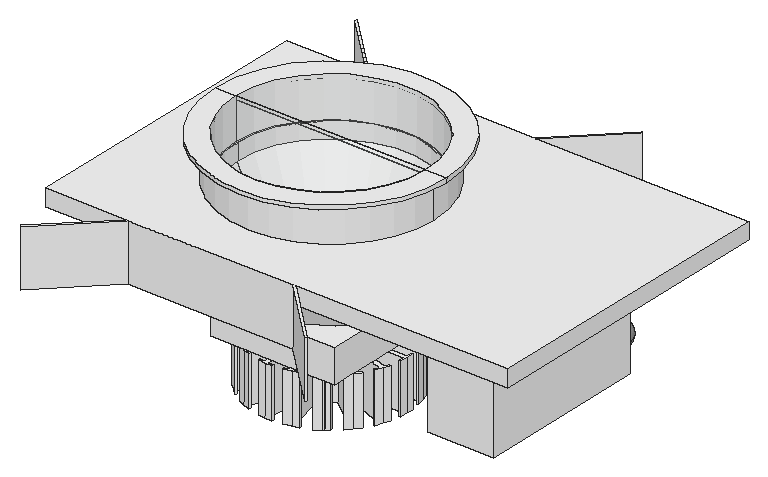
Revit family "LF6", category Lighting Fixtures, host Face, Revit 2014
Parameters (values of type "LF6")
  Wire = Wire
  Wattage Comments = "19W"
  Wattage = 21 W
  Warranty = "5-Years Warranty"  # constant formula
  built-in parameter 1150110 = 1 (stored number, unit not read)
  Voltage = if(Is 120V, 120 V, 277 V)  # 120 V
  URL = "https://www.hubbell.com/hubbell/en/OHW/Lighting-Controls/Commercial-Indoor-Lighting/Recessed-Downlights/LF6/p/2200693"
  Type Comments = "Lighting Fixture"  # constant formula
  built-in parameter 1114217 = 1 (stored number, unit not read)
  Tilt Angle = -90.00°
  built-in parameter 1150109 = 1 (stored number, unit not read)
  built-in parameter 1150134 = 3
  built-in parameter 1150113 = 1 (stored number, unit not read)
  Steel = Steel
  Product Page URL = "https://www.hubbell.com/hubbell/en/OHW/Lighting-Controls/Commercial-Indoor-Lighting/Recessed-Downlights/LF6/p/2200693"
  Product Documentation Link = "https://hubbellcdn.com/catalogpage/pre_lf6ml_psg.pdf"
  Photometric Web Link = "https://www.hubbell.com/hubbell/en/OHW/Lighting-Controls/Commercial-Indoor-Lighting/Recessed-Downlights/LF6/p/2200693#prod-detail-section"
  Photometric Web File = "LF6ML-6LFML30L30K8.IES"
  Photometric Notes = "More IES files download on Photometric Link"  # constant formula
  Mounting = "Recessed"  # constant formula
  Model = "LF6LED"  # constant formula
  Manufacturer = "Prescolite"  # constant formula
  built-in parameter 1150105 = 111.97 (stored number, unit not read)
  Lumens = 1407 lm
  built-in parameter 1150115 = 1 (stored number, unit not read)
  Load Classification = Lighting
  built-in parameter 1150137 = (empty or 0)
  built-in parameter 1150139 = (empty or 0)
  built-in parameter 1150112 = 1 (stored number, unit not read)
  built-in parameter 1150114 = 1 (stored number, unit not read)
  Lamp = "LED"
  Is 277V = not(Is 120V)  # no
  Is 120V = yes
  built-in parameter 1150132 = (empty or 0)
  built-in parameter 1150102 = (empty or 0)
  built-in parameter 1150107 = 3200 (stored number, unit not read)
  built-in parameter 1150138 = (empty or 0)
  built-in parameter 1150106 = 1.1197 (stored number, unit not read)
  Glass = Glass
  Emit from Circle Diameter = 5.500"  # constant formula
  Emit Shape Visible in Rendering = no
  built-in parameter 1150104 = 6.2245 (stored number, unit not read)
  Dimming Lamp Color Temperature Shift = <None>
  Description = "6'' architectural LED downlight with color consistency from fixture to fixture"  # constant formula
  Default Elevation = 48.000"
  Create Date = "07/30/2018"  # constant formula
  Copyright = "Copyright © 2018 Hubbell "  # constant formula
  Contact Us = "https://www.hubbell.com/hubbell/en/contactUs?productId=2200693"
  Color Filter = 16777215
  built-in parameter 1114218 = 1 (stored number, unit not read)
  Backbox = Paint-Hubbell-White
  built-in parameter 1150133 = 10 (stored number, unit not read)
  Assembly Code = "D5020200"
  Apparent Load = 0 VA
Reference planes (in)
  plane 1 "Center (Front/Back)": y = 0.03999
  plane 2: z = 0
  plane 3 "Center (Left/Right)": x = -8.24832
  plane 4: x = -13.24832
  plane 5: x = 0.75168
  plane 6: y = 4.60249
  plane 7: y = -4.52251
  plane 8: y = -6.33501
  plane 9: y = 6.41499
  plane 10: z = -0.5
  plane 11: z = -4
  plane 12: z = -3
  plane 13: z = -3.5
  plane 14: z = -5.5
  plane 15: z = 1.375
Forms (in)
  Extrusion 1, void
    sketch origin (0, 0, 0) x (1, 0, 0) y (0, 1, 0)
      loop
        line (-13.24832, 4.60249) -> (-13.24832, -4.52251) -> (0.75168, -4.52251) -> (0.75168, 4.60249) -> (-13.24832, 4.60249)
    from 0 to -6.75
  Extrusion 2, solid, material "Paint-Hubbell-White" <- "Backbox"
    sketch origin (0, 0, 0) x (1, 0, 0) y (0, 1, 0)
      loop
        line (-13.24832, 4.60249) -> (-13.24832, -4.52251) -> (0.75168, -4.52251) -> (0.75168, 4.60249) -> (-13.24832, 4.60249)
    from 0 to -0.5
  Extrusion 3, solid, material "Paint-Hubbell-White" <- "Backbox"
    sketch origin (0, 0, 0) x (1, 0, 0) y (0, 1, 0)
      loop
        circle (-8.24832, 0.03999) r 1
    from -3.75 to -5.5
  Extrusion 4, solid, material "Paint-Hubbell-White" <- "Backbox"
    sketch origin (0, 0, 0) x (1, 0, 0) y (0, 1, 0)
      loop
        line (-10.17454, 2.19084) -> (-10.17454, -2.11086) -> (-6.42646, -2.11086) -> (-6.42646, 2.19084) -> (-10.17454, 2.19084)
    from -3 to -4
  Revolve 5, solid, material "Paint-Hubbell-White" <- "Backbox"
    sketch origin (0, 0.03999, 0) x (1, 0, 0) y (0, 0, 1)
      loop
        line (-11.12332, -0.5) -> (-11.23496, -0.5) -> (-9.99429, -3) -> (-9.88266, -3) -> (-11.12332, -0.5)
      axis (-8.24832, -0.5) -> (-8.24832, -3)
    angle from 0 to 360
  Revolve 6, solid, material "Paint-Hubbell-White" <- "Backbox"
    sketch origin (0, 0.03999, 0) x (1, 0, 0) y (0, 0, 1)
      loop
        line (-11.12332, 0) -> (-11.12332, 1.25) -> (-11.74832, 1.25) -> (-11.74832, 1.13811) -> (-11.37332, 1.13811) -> (-11.37332, -0.5) -> (-11.12332, -0.5) -> (-11.12332, 0)
      axis (-8.24832, 1.25) -> (-8.24832, -0.5)
    angle from 0 to 360
  Revolve 7, void
    sketch origin (0, 0.03999, 0) x (1, 0, 0) y (0, 0, 1)
      loop
        line (-11.08737, 1.25) -> (-11.08737, -0.5) -> (-8.24832, -0.5) -> (-8.24832, 1.25) -> (-11.08737, 1.25)
      axis (-8.24832, 1.25) -> (-8.24832, -0.5)
    angle from 0 to 360
  Extrusion 8, solid, material "Paint-Hubbell-White" <- "Backbox"
    sketch origin (-0.03549, 0, 0.25) x (1, 0, 0) y (0, 1, 0)
      loop
        line (-8.19247, 1.03843) -> (-8.19247, 2.19084) -> (-8.10471, 2.19084) -> (-8.10471, 2.24642) -> (-8.24832, 2.24642) -> (-8.39194, 2.24642) -> (-8.39194, 2.19084) -> (-8.30418, 2.19084) -> (-8.30418, 1.03843)
        arc (-8.30418, 1.03843) -> (-8.24832, 1.03999) -> (-8.19247, 1.03843) r 1
    from -7 to -4
  Extrusion 9, solid, material "Paint-Hubbell-White" <- "Backbox"
    sketch origin (0, 0, 0) x (1, 0, 0) y (0, 1, 0)
      loop
        line (-3.2799, 2.66499) -> (-3.2799, -2.49278) -> (-1.2799, -2.49278) -> (-1.2799, 2.66499) -> (-3.2799, 2.66499)
    from -4 to 0
  Extrusion 10, solid, material "Paint-Hubbell-White" <- "Backbox"
    sketch origin (0, 0, 0) x (1, 0, 0) y (0, 1, 0)
      loop
        line (-10.74832, -4.52251) -> (-8.24832, -4.52251) -> (-5.74832, -4.52251) -> (-3.93582, -6.33501) -> (-3.90047, -6.29965) -> (-5.72761, -4.47251) -> (-8.24832, -4.47251) -> (-10.76904, -4.47251) -> (-12.59618, -6.29965) -> (-12.56082, -6.33501) -> (-10.74832, -4.52251)
      loop
        line (-10.74832, 4.60249) -> (-12.56082, 6.41499) -> (-12.59618, 6.37964) -> (-10.76904, 4.55249) -> (-8.24832, 4.55249) -> (-5.72761, 4.55249) -> (-3.90047, 6.37964) -> (-3.93582, 6.41499) -> (-5.74832, 4.60249) -> (-8.24832, 4.60249) -> (-10.74832, 4.60249)
    from 0 to -1.71847
  Extrusion 11, solid, material "Paint-Hubbell-White" <- "Backbox"
    sketch origin (-8.24832, 0, 0) x (0, 1, 0) y (0, 0, 1)
      loop
        line (2.07039, -3) -> (2.12039, -3) -> (2.12039, -2.6087) -> (3.12661, -0.55) -> (3.43413, -0.55) -> (3.43413, -0.5) -> (3.09804, -0.5) -> (2.07039, -2.60256) -> (2.07039, -3)
      loop
        line (-1.99041, -3) -> (-1.99041, -2.60256) -> (-3.01806, -0.5) -> (-3.35415, -0.5) -> (-3.35415, -0.55) -> (-3.04662, -0.55) -> (-2.04041, -2.6087) -> (-2.04041, -3) -> (-1.99041, -3)
    from -0.44169 to 0.61969
  Revolve 12, solid, material "Glass" <- "Glass"
    sketch origin (0, 0.03999, 0) x (1, 0, 0) y (0, 0, 1)
      loop
        line (-11.12332, 1.25) -> (-11.12332, 1.13811) -> (-8.24832, 1.13811) -> (-8.24832, 1.25) -> (-11.12332, 1.25)
      axis (-8.24832, 1.25) -> (-8.24832, 1.13811)
    angle from 0 to 360
  Sweep 13, solid, material "Wire" <- "Wire"
    path in 3D
      loop
        line (-6.98009, 1.93004, -3.5) -> (-6.98009, 2.5865, -3.5)
        arc (-6.98009, 2.5865, -3.5) -> (-6.6598, 3.35975, -3.5) -> (-5.88655, 3.68004, -3.5) r 1.09354
        line (-5.88655, 3.68004, -3.5) -> (-2.63573, 3.68004, -3.5)
        arc (-2.63573, 3.68004, -3.5) -> (-2.1054, 3.46037, -3.5) -> (-1.88573, 2.93004, -3.5) r 0.75
        line (-1.88573, 2.93004, -3.5) -> (-1.88573, 2.40419, -3.5)
    profile origin (-6.98009, 2.25827, -3.5) x (-1, 0, 0) y (0, 0, 1)
      loop
        circle (0, 0) r 0.25
  Extrusion 14, solid, material "Paint-Hubbell-White" <- "Backbox"
    sketch origin (-16.83938, -180, -3.5) x (-1, 0, 0) y (0, -1, 0)
      loop
        line (-8.66043, -180.96899) -> (-8.66043, -182.32697) -> (-8.81108, -182.32697) -> (-8.81108, -182.38155) -> (-8.59106, -182.38155) -> (-8.37103, -182.38155) -> (-8.37103, -182.32697) -> (-8.52168, -182.32697) -> (-8.52168, -180.96899) -> (-8.66043, -180.96899)
    from -2 to -0.5
  Extrusion 15, solid, material "Paint-Hubbell-White" <- "Backbox"
    sketch origin (-46.54778, 176.1688, -3.5) x (0.965926, 0.258819, 0) y (-0.258819, 0.965926, 0)
      loop
        line (-8.66043, -180.96899) -> (-8.66043, -182.32697) -> (-8.81108, -182.32697) -> (-8.81108, -182.38155) -> (-8.59106, -182.38155) -> (-8.37103, -182.38155) -> (-8.37103, -182.32697) -> (-8.52168, -182.32697) -> (-8.52168, -180.96899) -> (-8.66043, -180.96899)
    from -2 to -0.5
  Extrusion 16, solid, material "Paint-Hubbell-White" <- "Backbox"
    sketch origin (-73.03396, -168.15937, -3.5) x (-0.949243, 0.314545, 0) y (-0.314545, -0.949243, 0)
      loop
        line (-8.66043, -180.96899) -> (-8.66043, -182.32697) -> (-8.81108, -182.32697) -> (-8.81108, -182.38155) -> (-8.59106, -182.38155) -> (-8.37103, -182.38155) -> (-8.37103, -182.32697) -> (-8.52168, -182.32697) -> (-8.52168, -180.96899) -> (-8.66043, -180.96899)
    from -2 to -0.5
  Extrusion 17, solid, material "Paint-Hubbell-White" <- "Backbox"
    sketch origin (-122.65184, -139.24404, -3.5) x (-0.802123, 0.597159, 0) y (-0.597159, -0.802123, 0)
      loop
        line (-8.66043, -180.96899) -> (-8.66043, -182.32697) -> (-8.81108, -182.32697) -> (-8.81108, -182.38155) -> (-8.59106, -182.38155) -> (-8.37103, -182.38155) -> (-8.37103, -182.32697) -> (-8.52168, -182.32697) -> (-8.52168, -180.96899) -> (-8.66043, -180.96899)
    from -2 to -0.5
  Extrusion 18, solid, material "Paint-Hubbell-White" <- "Backbox"
    sketch origin (-160.65608, -96.18932, -3.5) x (-0.573576, 0.819152, 0) y (-0.819152, -0.573576, 0)
      loop
        line (-8.66043, -180.96899) -> (-8.66043, -182.32697) -> (-8.81108, -182.32697) -> (-8.81108, -182.38155) -> (-8.59106, -182.38155) -> (-8.37103, -182.38155) -> (-8.37103, -182.32697) -> (-8.52168, -182.32697) -> (-8.52168, -180.96899) -> (-8.66043, -180.96899)
    from -2 to -0.5
  Extrusion 19, solid, material "Paint-Hubbell-White" <- "Backbox"
    sketch origin (-183.18869, -43.36592, -3.5) x (-0.286803, 0.95799, 0) y (-0.95799, -0.286803, 0)
      loop
        line (-8.66043, -180.96899) -> (-8.66043, -182.32697) -> (-8.81108, -182.32697) -> (-8.81108, -182.38155) -> (-8.59106, -182.38155) -> (-8.37103, -182.38155) -> (-8.37103, -182.32697) -> (-8.52168, -182.32697) -> (-8.52168, -180.96899) -> (-8.66043, -180.96899)
    from -2 to -0.5
  Extrusion 20, solid, material "Paint-Hubbell-White" <- "Backbox"
    sketch origin (-187.96228, 13.86382, -3.5) x (0.029085, 0.999577, 0) y (-0.999577, 0.029085, 0)
      loop
        line (-8.66043, -180.96899) -> (-8.66043, -182.32697) -> (-8.81108, -182.32697) -> (-8.81108, -182.38155) -> (-8.59106, -182.38155) -> (-8.37103, -182.38155) -> (-8.37103, -182.32697) -> (-8.52168, -182.32697) -> (-8.52168, -180.96899) -> (-8.66043, -180.96899)
    from -2 to -0.5
  Extrusion 21, solid, material "Paint-Hubbell-White" <- "Backbox"
    sketch origin (-174.49226, 69.69025, -3.5) x (0.34202, 0.939693, 0) y (-0.939693, 0.34202, 0)
      loop
        line (-8.66043, -180.96899) -> (-8.66043, -182.32697) -> (-8.81108, -182.32697) -> (-8.81108, -182.38155) -> (-8.59106, -182.38155) -> (-8.37103, -182.38155) -> (-8.37103, -182.32697) -> (-8.52168, -182.32697) -> (-8.52168, -180.96899) -> (-8.66043, -180.96899)
    from -2 to -0.5
  Extrusion 22, solid, material "Paint-Hubbell-White" <- "Backbox"
    sketch origin (-144.14604, 118.44614, -3.5) x (0.620235, 0.784416, 0) y (-0.784416, 0.620235, 0)
      loop
        line (-8.66043, -180.96899) -> (-8.66043, -182.32697) -> (-8.81108, -182.32697) -> (-8.81108, -182.38155) -> (-8.59106, -182.38155) -> (-8.37103, -182.38155) -> (-8.37103, -182.32697) -> (-8.52168, -182.32697) -> (-8.52168, -180.96899) -> (-8.66043, -180.96899)
    from -2 to -0.5
  Extrusion 23, solid, material "Paint-Hubbell-White" <- "Backbox"
    sketch origin (-100.00419, 155.18207, -3.5) x (0.835488, 0.549509, 0) y (-0.549509, 0.835488, 0)
      loop
        line (-8.66043, -180.96899) -> (-8.66043, -182.32697) -> (-8.81108, -182.32697) -> (-8.81108, -182.38155) -> (-8.59106, -182.38155) -> (-8.37103, -182.38155) -> (-8.37103, -182.32697) -> (-8.52168, -182.32697) -> (-8.52168, -180.96899) -> (-8.66043, -180.96899)
    from -2 to -0.5
  Extrusion 24, solid, material "Paint-Hubbell-White" <- "Backbox"
    sketch origin (9.75352, 179.38362, -3.5) x (0.99863, -0.052336, 0) y (0.052336, 0.99863, 0)
      loop
        line (-8.66043, -180.96899) -> (-8.66043, -182.32697) -> (-8.81108, -182.32697) -> (-8.81108, -182.38155) -> (-8.59106, -182.38155) -> (-8.37103, -182.38155) -> (-8.37103, -182.32697) -> (-8.52168, -182.32697) -> (-8.52168, -180.96899) -> (-8.66043, -180.96899)
    from -2 to -0.5
  Extrusion 25, solid, material "Paint-Hubbell-White" <- "Backbox"
    sketch origin (44.25377, -172.38894, -3.5) x (-0.941666, -0.336547, 0) y (0.336547, -0.941666, 0)
      loop
        line (-8.66043, -180.96899) -> (-8.66043, -182.32697) -> (-8.81108, -182.32697) -> (-8.81108, -182.38155) -> (-8.59106, -182.38155) -> (-8.37103, -182.38155) -> (-8.37103, -182.32697) -> (-8.52168, -182.32697) -> (-8.52168, -180.96899) -> (-8.66043, -180.96899)
    from -2 to -0.5
  Extrusion 26, solid, material "Paint-Hubbell-White" <- "Backbox"
    sketch origin (99.22166, -144.6611, -3.5) x (-0.773472, -0.633831, 0) y (0.633831, -0.773472, 0)
      loop
        line (-8.66043, -180.96899) -> (-8.66043, -182.32697) -> (-8.81108, -182.32697) -> (-8.81108, -182.38155) -> (-8.59106, -182.38155) -> (-8.37103, -182.38155) -> (-8.37103, -182.32697) -> (-8.52168, -182.32697) -> (-8.52168, -180.96899) -> (-8.66043, -180.96899)
    from -2 to -0.5
  Extrusion 27, solid, material "Paint-Hubbell-White" <- "Backbox"
    sketch origin (141.65135, -100.05143, -3.5) x (-0.515038, -0.857167, 0) y (0.857167, -0.515038, 0)
      loop
        line (-8.66043, -180.96899) -> (-8.66043, -182.32697) -> (-8.81108, -182.32697) -> (-8.81108, -182.38155) -> (-8.59106, -182.38155) -> (-8.37103, -182.38155) -> (-8.37103, -182.32697) -> (-8.52168, -182.32697) -> (-8.52168, -180.96899) -> (-8.66043, -180.96899)
    from -2 to -0.5
  Extrusion 28, solid, material "Paint-Hubbell-White" <- "Backbox"
    sketch origin (166.59269, -43.76439, -3.5) x (-0.196517, -0.9805, 0) y (0.9805, -0.196517, 0)
      loop
        line (-8.66043, -180.96899) -> (-8.66043, -182.32697) -> (-8.81108, -182.32697) -> (-8.81108, -182.38155) -> (-8.59106, -182.38155) -> (-8.37103, -182.38155) -> (-8.37103, -182.32697) -> (-8.52168, -182.32697) -> (-8.52168, -180.96899) -> (-8.66043, -180.96899)
    from -2 to -0.5
  Extrusion 29, solid, material "Paint-Hubbell-White" <- "Backbox"
    sketch origin (171.13586, 17.63317, -3.5) x (0.144932, -0.989442, 0) y (0.989442, 0.144932, 0)
      loop
        line (-8.66043, -180.96899) -> (-8.66043, -182.32697) -> (-8.81108, -182.32697) -> (-8.81108, -182.38155) -> (-8.59106, -182.38155) -> (-8.37103, -182.38155) -> (-8.37103, -182.32697) -> (-8.52168, -182.32697) -> (-8.52168, -180.96899) -> (-8.66043, -180.96899)
    from -2 to -0.5
  Extrusion 30, solid, material "Paint-Hubbell-White" <- "Backbox"
    sketch origin (154.75081, 76.9782, -3.5) x (0.469472, -0.882948, 0) y (0.882948, 0.469472, 0)
      loop
        line (-8.66043, -180.96899) -> (-8.66043, -182.32697) -> (-8.81108, -182.32697) -> (-8.81108, -182.38155) -> (-8.59106, -182.38155) -> (-8.37103, -182.38155) -> (-8.37103, -182.32697) -> (-8.52168, -182.32697) -> (-8.52168, -180.96899) -> (-8.66043, -180.96899)
    from -2 to -0.5
  Extrusion 31, solid, material "Paint-Hubbell-White" <- "Backbox"
    sketch origin (119.34914, 127.34707, -3.5) x (0.739239, -0.673443, 0) y (0.673443, 0.739239, 0)
      loop
        line (-8.66043, -180.96899) -> (-8.66043, -182.32697) -> (-8.81108, -182.32697) -> (-8.81108, -182.38155) -> (-8.59106, -182.38155) -> (-8.37103, -182.38155) -> (-8.37103, -182.32697) -> (-8.52168, -182.32697) -> (-8.52168, -180.96899) -> (-8.66043, -180.96899)
    from -2 to -0.5
  Extrusion 32, solid, material "Paint-Hubbell-White" <- "Backbox"
    sketch origin (69.06106, 162.8634, -3.5) x (0.922762, -0.385369, 0) y (0.385369, 0.922762, 0)
      loop
        line (-8.66043, -180.96899) -> (-8.66043, -182.32697) -> (-8.81108, -182.32697) -> (-8.81108, -182.38155) -> (-8.59106, -182.38155) -> (-8.37103, -182.38155) -> (-8.37103, -182.32697) -> (-8.52168, -182.32697) -> (-8.52168, -180.96899) -> (-8.66043, -180.96899)
    from -2 to -0.5
  Revolve 33, void
    sketch origin (0, 0.03999, 0) x (1, 0, 0) y (0, 0, 1)
      loop
        line (-11.23496, -0.5) -> (-9.99429, -3) -> (-8.24832, -3) -> (-8.24832, -0.5) -> (-11.23496, -0.5)
      axis (-8.24832, -0.5) -> (-8.24832, -3)
    angle from 0 to 360
Cuts and joins
  Revolve 7 cuts Revolve 6
  joined: Revolve 5, Revolve 6
  Revolve 7, Revolve 33 cuts Extrusion 2
  Revolve 33 cuts Extrusion 3
  Revolve 33 cuts Extrusion 4
  Revolve 33 cuts Extrusion 8
  Revolve 33 cuts Extrusion 9
  Revolve 33 cuts Extrusion 10
  Revolve 33 cuts Extrusion 11
  Revolve 33 cuts Extrusion 14
  Revolve 33 cuts Extrusion 15
  Revolve 33 cuts Extrusion 16
  Revolve 33 cuts Extrusion 17
  Revolve 33 cuts Extrusion 18
  Revolve 33 cuts Extrusion 19
  Revolve 33 cuts Extrusion 20
  Revolve 33 cuts Extrusion 21
  Revolve 33 cuts Extrusion 22
  Revolve 33 cuts Extrusion 23
  Revolve 33 cuts Extrusion 24
  Revolve 33 cuts Extrusion 25
  Revolve 33 cuts Extrusion 26
  Revolve 33 cuts Extrusion 27
  Revolve 33 cuts Extrusion 28
  Revolve 33 cuts Extrusion 29
  Revolve 33 cuts Extrusion 30
  Revolve 33 cuts Extrusion 31
  Revolve 33 cuts Extrusion 32
  joined: Extrusion 2, Extrusion 3, Extrusion 4, Extrusion 8, Extrusion 9, Extrusion 10, Extrusion 11, Extrusion 14, Extrusion 15, Extrusion 16, Extrusion 17, Extrusion 18, Extrusion 19, Extrusion 20, Extrusion 21, Extrusion 22, Extrusion 23, Extrusion 24, Extrusion 25, Extrusion 26, Extrusion 27, Extrusion 28, Extrusion 29, Extrusion 30, Extrusion 31, Extrusion 32
Lines and regions (in)
  reference lines
    curve 1: line (-6.98009, 1.93004, -3.5) -> (-6.98009, 2.5865, -3.5)
    curve 2: arc (-6.98009, 2.5865, -3.5) -> (-6.6598, 3.35975, -3.5) -> (-5.88655, 3.68004, -3.5) r 1.09354
    curve 3: line (-5.88655, 3.68004, -3.5) -> (-2.63573, 3.68004, -3.5)
    curve 4: arc (-1.88573, 2.93004, -3.5) -> (-2.1054, 3.46037, -3.5) -> (-2.63573, 3.68004, -3.5) r 0.75
    curve 5: line (-1.88573, 2.93004, -3.5) -> (-1.88573, 2.40419, -3.5)
  sketch lines
    curve 6: line (-6.98009, 1.93004, -3.5) -> (-6.98009, 2.5865, -3.5)
    curve 7: arc (-6.98009, 2.5865, -3.5) -> (-6.6598, 3.35975, -3.5) -> (-5.88655, 3.68004, -3.5) r 1.09354
    curve 8: line (-5.88655, 3.68004, -3.5) -> (-2.63573, 3.68004, -3.5)
    curve 9: arc (-1.88573, 2.93004, -3.5) -> (-2.1054, 3.46037, -3.5) -> (-2.63573, 3.68004, -3.5) r 0.75
    curve 10: line (-1.88573, 2.93004, -3.5) -> (-1.88573, 2.40419, -3.5)
Dimensions and locks (in)
  equal spacing: plane 7, plane 1 "Center (Front/Back)", plane 6
  locked: plane 6 to plane 7 at 9.125
  equal spacing: plane 9, plane 1 "Center (Front/Back)", plane 8
  locked: plane 9 to plane 8 at 12.75
  locked: plane 4 to plane 5 at 14
  locked: plane 4 to plane 3 "Center (Left/Right)" at 5
  locked: host face to plane 10 at 0.5
  locked: plane 12 to plane 11 at 1
  locked: Revolve 6 sketch curve to host face at 1.25
  locked: Revolve 6 sketch curve to Revolve 6 sketch curve at 3.5
  Revolve 5 sketch curve to Revolve 5 sketch curve = 2.875"
  locked: Revolve 6 sketch curve to Revolve 6 sketch curve at 2.875
  locked: plane 13 to plane 11 at 0.5
  plane 11 to plane 14 = 1.500"
  plane 2 to plane 14 = 5.500"
  cut or joined group of Revolve 5, Revolve 6, Revolve 7 to plane 2 = 1.250"
  aligned and locked: plane 2 to host face
  aligned and locked: level to host face
  aligned and locked: plane 4 to Extrusion 1 sketch curve
  aligned and locked: Extrusion 1 sketch curve to plane 5
  aligned and locked: Extrusion 2 sketch curve to plane 6
  aligned and locked: plane 4 to Extrusion 2 sketch curve
  aligned and locked: Extrusion 2 sketch curve to plane 7
  aligned and locked: Extrusion 2 sketch curve to plane 5
  aligned and locked: Extrusion 2 to plane 10
  aligned and locked: plane 12 to Extrusion 4
  aligned and locked: Revolve 5 sketch curve to plane 3 "Center (Left/Right)"
  aligned and locked: Revolve 7 sketch curve to plane 3 "Center (Left/Right)"  (x2)
  aligned and locked: Revolve 6 to Revolve 7 sketch curve
  aligned and locked: Extrusion 1 to Extrusion 8
  aligned and locked: Extrusion 3 to Extrusion 8
  aligned and locked: level to Extrusion 9
  aligned and locked: Revolve 12 sketch curve to plane 3 "Center (Left/Right)"  (x2)
  aligned and locked: cut or joined group of Revolve 5, Revolve 6, Revolve 7 to Revolve 12 sketch curve
  aligned and locked: Revolve 12 sketch curve to cut or joined group of Revolve 5, Revolve 6, Revolve 7  (x2)
  aligned and locked: Revolve 6 sketch curve to plane 3 "Center (Left/Right)"
  aligned and locked: Extrusion 1 sketch curve to plane 7
  aligned and locked: Revolve 33 sketch curve to imposter light
  aligned and locked: imposter light to plane 1 "Center (Front/Back)"
  aligned and locked: Extrusion 22 to plane 14
  aligned and locked: Extrusion 3 to Extrusion 14
  aligned and locked: Extrusion 3 to Extrusion 25
  aligned and locked: imposter light to plane 15
Automatic sketch dimensions
  host sketch curve to host sketch curve = 96.000"  (x2)
  plane 1 "Center (Front/Back)" to Extrusion 3 sketch curve = 0.000"
  Extrusion 3 sketch curve to plane 3 "Center (Left/Right)" = 0.000"
  Extrusion 4 sketch curve to plane 3 "Center (Left/Right)" = 1.92621"
  plane 3 "Center (Left/Right)" to Extrusion 4 sketch curve = 1.82187"
  plane 1 "Center (Front/Back)" to Extrusion 4 sketch curve = 2.15085"
  Extrusion 4 sketch curve to plane 1 "Center (Front/Back)" = 2.15085"
  Extrusion 8 sketch curve to Extrusion 8 sketch curve = 0.08777"  (x2)
  Extrusion 8 sketch curve to Extrusion 8 sketch curve = 1.15241"
  Extrusion 8 sketch curve to Extrusion 8 sketch curve = 0.000"
  Extrusion 8 sketch curve to Extrusion 8 sketch curve = 0.05558"
  Extrusion 8 sketch curve to Extrusion 8 sketch curve = 0.05585"  (x2)
  Extrusion 8 sketch curve to Extrusion 8 sketch curve = 0.1117"
  Extrusion 8 sketch curve to Extrusion 8 sketch curve = 0.99844"
  Extrusion 9 sketch curve to plane 5 = 4.03157"
  Extrusion 9 sketch curve to Extrusion 9 sketch curve = 2.000"
  plane 1 "Center (Front/Back)" to Extrusion 9 sketch curve = 2.53277"
  Extrusion 9 sketch curve to plane 1 "Center (Front/Back)" = 2.625"
  Extrusion 10 sketch curve to plane 8 = 0.000"  (x2)
  Extrusion 10 sketch curve to plane 9 = 0.000"  (x2)
  plane 7 to Extrusion 10 sketch curve = 0.000"
  Extrusion 10 sketch curve to plane 6 = 0.000"
  Extrusion 10 sketch curve to plane 3 "Center (Left/Right)" = 0.000"  (x4)
  Extrusion 10 sketch curve to plane 3 "Center (Left/Right)" = 2.500"  (x2)
  Extrusion 10 sketch curve to plane 7 = 0.050"
  Extrusion 10 sketch curve to Extrusion 10 sketch curve = 0.02071"  (x4)
  Extrusion 10 sketch curve to plane 6 = 0.050"
  plane 4 to Extrusion 10 sketch curve = 0.6875"  (x2)
  Extrusion 10 sketch curve to Extrusion 10 sketch curve = 2.500"
  plane 3 "Center (Left/Right)" to Extrusion 10 sketch curve = 2.500"
  Extrusion 10 sketch curve to Extrusion 10 sketch curve = 1.8125"  (x2)
  Revolve 12 sketch curve to plane 10 = 1.03381"
  Revolve 12 sketch curve to Revolve 12 sketch curve = 0.81467"
  plane 3 "Center (Left/Right)" to curve 2 = 2.36177"
  curve 2 to curve 2 = 1.09354"
  curve 2 to plane 6 = 0.92245"
  curve 1 to curve 1 = 0.65646"
  curve 3 to curve 2 = 3.25082"
  curve 4 to curve 4 = 0.750"
  curve 5 to curve 5 = 0.52585"
  Revolve 5 sketch curve to plane 10 = 0.000"
  Revolve 5 sketch curve to plane 12 = 0.000"
  Revolve 5 sketch curve to Revolve 5 sketch curve = 0.11164"  (x2)
  Revolve 5 sketch curve to plane 3 "Center (Left/Right)" = 1.74597"
  Revolve 5 sketch curve to plane 11 = 0.87504"
  level to Revolve 5 sketch curve = 2.37496"
  Extrusion 11 sketch curve to plane 10 = 0.000"  (x2)
  Extrusion 11 sketch curve to plane 12 = 0.000"  (x2)
  Extrusion 11 sketch curve to plane 7 = 1.16836"
  Extrusion 11 sketch curve to plane 10 = 0.050"  (x2)
  Extrusion 11 sketch curve to Extrusion 11 sketch curve = 0.30752"  (x2)
  Extrusion 11 sketch curve to Extrusion 11 sketch curve = 0.02856"  (x2)
  plane 12 to Extrusion 11 sketch curve = 0.3913"  (x2)
  plane 1 "Center (Front/Back)" to Extrusion 11 sketch curve = 2.0804"
  plane 12 to Extrusion 11 sketch curve = 0.39744"  (x2)
  Extrusion 11 sketch curve to Extrusion 11 sketch curve = 0.050"  (x2)
  Extrusion 11 sketch curve to plane 1 "Center (Front/Back)" = 2.0304"
  Extrusion 11 sketch curve to plane 6 = 1.50445"
  Sweep 13 sketch curve to profile plane = 0.000"  (x2)
  Extrusion 14 sketch curve to Extrusion 14 sketch curve = 0.15066"  (x2)
  Extrusion 14 sketch curve to Extrusion 14 sketch curve = 0.05458"  (x2)
  Extrusion 14 sketch curve to Extrusion 14 sketch curve = 0.06937"
  Extrusion 14 sketch curve to Extrusion 14 sketch curve = 0.13875"
  Extrusion 14 sketch curve to Extrusion 14 sketch curve = 1.35798"
  Extrusion 15 sketch curve to Extrusion 15 sketch curve = 0.15066"  (x2)
  Extrusion 15 sketch curve to Extrusion 15 sketch curve = 0.05458"  (x2)
  Extrusion 15 sketch curve to Extrusion 15 sketch curve = 0.06937"
  Extrusion 15 sketch curve to Extrusion 15 sketch curve = 0.13875"
  Extrusion 15 sketch curve to Extrusion 15 sketch curve = 1.35798"
  Extrusion 16 sketch curve to Extrusion 16 sketch curve = 0.15066"  (x2)
  Extrusion 16 sketch curve to Extrusion 16 sketch curve = 0.05458"  (x2)
  Extrusion 16 sketch curve to Extrusion 16 sketch curve = 0.06937"
  Extrusion 16 sketch curve to Extrusion 16 sketch curve = 0.13875"
  Extrusion 16 sketch curve to Extrusion 16 sketch curve = 1.35798"
  Extrusion 17 sketch curve to Extrusion 17 sketch curve = 0.15066"  (x2)
  Extrusion 17 sketch curve to Extrusion 17 sketch curve = 0.05458"  (x2)
  Extrusion 17 sketch curve to Extrusion 17 sketch curve = 0.06937"
  Extrusion 17 sketch curve to Extrusion 17 sketch curve = 0.13875"
  Extrusion 17 sketch curve to Extrusion 17 sketch curve = 1.35798"
  Extrusion 18 sketch curve to Extrusion 18 sketch curve = 0.15066"  (x2)
  Extrusion 18 sketch curve to Extrusion 18 sketch curve = 0.05458"  (x2)
  Extrusion 18 sketch curve to Extrusion 18 sketch curve = 0.06937"
  Extrusion 18 sketch curve to Extrusion 18 sketch curve = 0.13875"
  Extrusion 18 sketch curve to Extrusion 18 sketch curve = 1.35798"
  Extrusion 19 sketch curve to Extrusion 19 sketch curve = 0.15066"  (x2)
  Extrusion 19 sketch curve to Extrusion 19 sketch curve = 0.05458"  (x2)
  Extrusion 19 sketch curve to Extrusion 19 sketch curve = 0.06937"
  Extrusion 19 sketch curve to Extrusion 19 sketch curve = 0.13875"
  Extrusion 19 sketch curve to Extrusion 19 sketch curve = 1.35798"
  Extrusion 20 sketch curve to Extrusion 20 sketch curve = 0.15066"  (x2)
  Extrusion 20 sketch curve to Extrusion 20 sketch curve = 0.05458"  (x2)
  Extrusion 20 sketch curve to Extrusion 20 sketch curve = 0.06937"
  Extrusion 20 sketch curve to Extrusion 20 sketch curve = 0.13875"
  Extrusion 20 sketch curve to Extrusion 20 sketch curve = 1.35798"
  Extrusion 21 sketch curve to Extrusion 21 sketch curve = 0.15066"  (x2)
  Extrusion 21 sketch curve to Extrusion 21 sketch curve = 0.05458"  (x2)
  Extrusion 21 sketch curve to Extrusion 21 sketch curve = 0.06937"
  Extrusion 21 sketch curve to Extrusion 21 sketch curve = 0.13875"
  Extrusion 21 sketch curve to Extrusion 21 sketch curve = 1.35798"
  Extrusion 22 sketch curve to Extrusion 22 sketch curve = 0.15066"  (x2)
  Extrusion 22 sketch curve to Extrusion 22 sketch curve = 0.05458"  (x2)
  Extrusion 22 sketch curve to Extrusion 22 sketch curve = 0.06937"
  Extrusion 22 sketch curve to Extrusion 22 sketch curve = 0.13875"
  Extrusion 22 sketch curve to Extrusion 22 sketch curve = 1.35798"
  Extrusion 23 sketch curve to Extrusion 23 sketch curve = 0.15066"  (x2)
  Extrusion 23 sketch curve to Extrusion 23 sketch curve = 0.05458"  (x2)
  Extrusion 23 sketch curve to Extrusion 23 sketch curve = 0.06937"
  Extrusion 23 sketch curve to Extrusion 23 sketch curve = 0.13875"
  Extrusion 23 sketch curve to Extrusion 23 sketch curve = 1.35798"
  Extrusion 24 sketch curve to Extrusion 24 sketch curve = 0.15066"  (x2)
  Extrusion 24 sketch curve to Extrusion 24 sketch curve = 0.05458"  (x2)
  Extrusion 24 sketch curve to Extrusion 24 sketch curve = 0.06937"
  Extrusion 24 sketch curve to Extrusion 24 sketch curve = 0.13875"
  Extrusion 24 sketch curve to Extrusion 24 sketch curve = 1.35798"
  Extrusion 25 sketch curve to Extrusion 25 sketch curve = 0.15066"  (x2)
  Extrusion 25 sketch curve to Extrusion 25 sketch curve = 0.05458"  (x2)
  Extrusion 25 sketch curve to Extrusion 25 sketch curve = 0.06937"
  Extrusion 25 sketch curve to Extrusion 25 sketch curve = 0.13875"
  Extrusion 25 sketch curve to Extrusion 25 sketch curve = 1.35798"
  Extrusion 26 sketch curve to Extrusion 26 sketch curve = 0.15066"  (x2)
  Extrusion 26 sketch curve to Extrusion 26 sketch curve = 0.05458"  (x2)
  Extrusion 26 sketch curve to Extrusion 26 sketch curve = 0.06937"
  Extrusion 26 sketch curve to Extrusion 26 sketch curve = 0.13875"
  Extrusion 26 sketch curve to Extrusion 26 sketch curve = 1.35798"
  Extrusion 27 sketch curve to Extrusion 27 sketch curve = 0.15066"  (x2)
  Extrusion 27 sketch curve to Extrusion 27 sketch curve = 0.05458"  (x2)
  Extrusion 27 sketch curve to Extrusion 27 sketch curve = 0.06937"
  Extrusion 27 sketch curve to Extrusion 27 sketch curve = 0.13875"
  Extrusion 27 sketch curve to Extrusion 27 sketch curve = 1.35798"
  Extrusion 28 sketch curve to Extrusion 28 sketch curve = 0.15066"  (x2)
  Extrusion 28 sketch curve to Extrusion 28 sketch curve = 0.05458"  (x2)
  Extrusion 28 sketch curve to Extrusion 28 sketch curve = 0.06937"
  Extrusion 28 sketch curve to Extrusion 28 sketch curve = 0.13875"
  Extrusion 28 sketch curve to Extrusion 28 sketch curve = 1.35798"
  Extrusion 29 sketch curve to Extrusion 29 sketch curve = 0.15066"  (x2)
  Extrusion 29 sketch curve to Extrusion 29 sketch curve = 0.05458"  (x2)
  Extrusion 29 sketch curve to Extrusion 29 sketch curve = 0.06937"
  Extrusion 29 sketch curve to Extrusion 29 sketch curve = 0.13875"
  Extrusion 29 sketch curve to Extrusion 29 sketch curve = 1.35798"
  Extrusion 30 sketch curve to Extrusion 30 sketch curve = 0.15066"  (x2)
  Extrusion 30 sketch curve to Extrusion 30 sketch curve = 0.05458"  (x2)
  Extrusion 30 sketch curve to Extrusion 30 sketch curve = 0.06937"
  Extrusion 30 sketch curve to Extrusion 30 sketch curve = 0.13875"
  Extrusion 30 sketch curve to Extrusion 30 sketch curve = 1.35798"
  Extrusion 31 sketch curve to Extrusion 31 sketch curve = 0.15066"  (x2)
  Extrusion 31 sketch curve to Extrusion 31 sketch curve = 0.05458"  (x2)
  Extrusion 31 sketch curve to Extrusion 31 sketch curve = 0.06937"
  Extrusion 31 sketch curve to Extrusion 31 sketch curve = 0.13875"
  Extrusion 31 sketch curve to Extrusion 31 sketch curve = 1.35798"
  Extrusion 32 sketch curve to Extrusion 32 sketch curve = 0.15066"  (x2)
  Extrusion 32 sketch curve to Extrusion 32 sketch curve = 0.05458"  (x2)
  Extrusion 32 sketch curve to Extrusion 32 sketch curve = 0.06937"
  Extrusion 32 sketch curve to Extrusion 32 sketch curve = 0.13875"
  Extrusion 32 sketch curve to Extrusion 32 sketch curve = 1.35798"
  Extrusion 14 sketch curve to plane 3 "Center (Left/Right)" = 0.000"
  Extrusion 14 sketch curve to plane 6 = 2.22094"
  Extrusion 25 sketch curve to plane 3 "Center (Left/Right)" = 0.58085"
  Extrusion 25 sketch curve to plane 1 "Center (Front/Back)" = 2.27902"
  Extrusion 1 sketch curve to plane 6 = 0.000"
  Revolve 33 sketch curve to plane 10 = 0.000"  (x2)
  Revolve 33 sketch curve to plane 12 = 0.000"
  Revolve 33 sketch curve to plane 3 "Center (Left/Right)" = 0.000"
  Revolve 33 sketch curve to level = 0.000"
  Revolve 33 sketch curve to plane 3 "Center (Left/Right)" = 1.74597"
  Revolve 33 sketch curve to Revolve 33 sketch curve = 0.000"
  plane 11 to Revolve 33 sketch curve = 0.17851"
  plane 4 to Revolve 33 sketch curve = 2.01336"
  Revolve 6 sketch curve to plane 10 = 0.000"
  Revolve 6 sketch curve to level = 0.000"
  Revolve 6 sketch curve to Revolve 6 sketch curve = 0.250"
  plane 12 to Revolve 6 sketch curve = 0.59192"
  Revolve 6 sketch curve to Revolve 6 sketch curve = 0.11189"
  level to Revolve 6 sketch curve = 2.66652"
  Revolve 7 sketch curve to plane 10 = 0.000"
  plane 4 to Revolve 7 sketch curve = 2.16096"
  plane 12 to Revolve 7 sketch curve = 0.60785"
  Revolve 7 sketch curve to Revolve 7 sketch curve = 1.41768"
  plane 3 "Center (Left/Right)" to Extrusion 15 sketch curve = 0.39351"
  Extrusion 15 sketch curve to plane 7 = 2.24378"
  plane 3 "Center (Left/Right)" to Extrusion 16 sketch curve = 0.94539"
  Extrusion 16 sketch curve to plane 1 "Center (Front/Back)" = 2.1535"
  plane 3 "Center (Left/Right)" to Extrusion 17 sketch curve = 1.57477"
  Extrusion 17 sketch curve to plane 1 "Center (Front/Back)" = 1.74683"
  Extrusion 18 sketch curve to plane 1 "Center (Front/Back)" = 1.16283"
  plane 3 "Center (Left/Right)" to Extrusion 18 sketch curve = 2.0443"
  Extrusion 19 sketch curve to plane 1 "Center (Front/Back)" = 0.46078"
  plane 3 "Center (Left/Right)" to Extrusion 19 sketch curve = 2.30629"
  plane 1 "Center (Front/Back)" to Extrusion 20 sketch curve = 0.28804"
  plane 3 "Center (Left/Right)" to Extrusion 20 sketch curve = 2.33417"
  plane 1 "Center (Front/Back)" to Extrusion 21 sketch curve = 1.00762"
  plane 3 "Center (Left/Right)" to Extrusion 21 sketch curve = 2.12509"
  plane 1 "Center (Front/Back)" to Extrusion 22 sketch curve = 1.62491"
  plane 3 "Center (Left/Right)" to Extrusion 22 sketch curve = 1.70029"
  plane 3 "Center (Left/Right)" to Extrusion 23 sketch curve = 1.10288"
  plane 1 "Center (Front/Back)" to Extrusion 23 sketch curve = 2.07725"
  Extrusion 24 sketch curve to plane 3 "Center (Left/Right)" = 0.34227"
  Extrusion 24 sketch curve to plane 7 = 2.23567"
  Extrusion 26 sketch curve to plane 3 "Center (Left/Right)" = 1.31397"
  Extrusion 26 sketch curve to plane 1 "Center (Front/Back)" = 1.95059"
  Extrusion 27 sketch curve to plane 1 "Center (Front/Back)" = 1.39459"
  Extrusion 27 sketch curve to plane 3 "Center (Left/Right)" = 1.89378"
  Extrusion 28 sketch curve to plane 1 "Center (Front/Back)" = 0.67589"
  Extrusion 28 sketch curve to plane 3 "Center (Left/Right)" = 2.25266"
  plane 1 "Center (Front/Back)" to Extrusion 29 sketch curve = 0.12166"
  Extrusion 29 sketch curve to plane 3 "Center (Left/Right)" = 2.34873"
  plane 1 "Center (Front/Back)" to Extrusion 30 sketch curve = 0.90502"
  Extrusion 30 sketch curve to plane 3 "Center (Left/Right)" = 2.17077"
  plane 1 "Center (Front/Back)" to Extrusion 31 sketch curve = 1.5828"
  Extrusion 31 sketch curve to plane 3 "Center (Left/Right)" = 1.73956"
  Extrusion 32 sketch curve to plane 3 "Center (Left/Right)" = 1.1054"
  plane 1 "Center (Front/Back)" to Extrusion 32 sketch curve = 2.07591"
  radius of Extrusion 3 sketch curve = 1.000"
  radius of Sweep 13 sketch curve = 0.250"
Connectors (in)
  electrical at (-8.2088, 0.03689, -5.5), driven by "Description", driven by "Load Classification", driven by "Apparent Load"
    settings: on cut or joined group of Extrusion 2, Extrusion 3, Extrusion 4, Revolve 7, Extrusion 8, Extrusion 9, Extrusion 10, Extrusion 11, Extrusion 14, Extrusion 15, Extrusion 16, Extrusion 17, Extrusion 18, Extrusion 19, Extrusion 20, Extrusion 21, Extrusion 22, Extrusion 23, Extrusion 24, Extrusion 25, Extrusion 26, Extrusion 27, Extrusion 28, Extrusion 29, Extrusion 30, Extrusion 31, Extrusion 32, Revolve 33, index 1, voltage 0 V, apparent load 0 VA, apparent load phase1 0 VA, apparent load phase2 0 VA, apparent load phase3 0 VA, power factor 1, load classification "Lighting", number of poles 1, system type 30, power factor state 1, is connector primary yes, connector utility no, sub classification motor no, connector description "6'' architectural LED downlight with color consistency from fixture to fixture"
